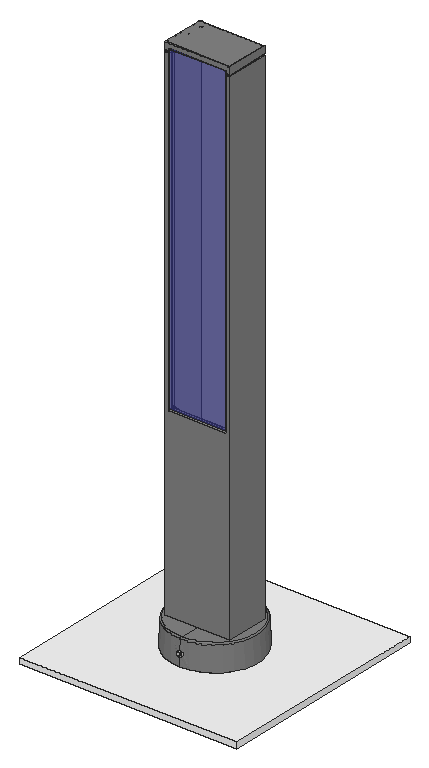
Revit family "BE_99326_de_DE", category Leuchten, Revit 2020 (continued)
Types (4, lengths in mm): name | built-in parameter 1150104 | built-in parameter 1150134 | Modell | M_G | M_A | built-in parameter 1150105 | Lumens | Leuchtenlichtstrom | Lampenlichtstrom | LED_Modulbezeichnung | built-in parameter 1150142 | Farbtemperatur | Datei für fotometrisches Netz | Bestellnummer | built-in parameter 1150106 | built-in parameter 1150107
         0.0       0.0       0.0       0.0       0.0       0.0       0.0       0.0\r\n       0.0       0.0       0.0       0.0       0.0       0.0       0.0       0.0\r\n       0.0       0.0       0.0       0.0       0.0       0.0       0.0       0.0\r\n       0.0       0.1       0.1       0.1       0.1       0.1       0.0       0.0\r\n       0.0\r\n       0.0       0.0       0.0       0.0       0.0       0.0       0.0       0.0\r\n       0.0       0.0       0.0       0.0       0.0       0.0       0.0       0.0\r\n       0.0       0.0       0.0       0.0       0.0       0.0       0.0       0.0\r\n       0.0       0.0       0.0       0.0       0.0       0.0       0.0       0.0\r\n       0.0       0.0       0.0       0.0       0.0       0.0       0.0       0.0\r\n       0.0       0.0       0.0       0.0       0.0       0.0       0.0       0.0\r\n       0.0       0.0       0.0       0.0       0.0       0.0       0.0       0.0\r\n       0.0       0.0       0.0       0.0       0.0       0.0       0.0       0.0\r\n       0.0       0.0       0.0       0.0       0.0       0.0       0.0       0.0\r\n       0.0\r\n       0.0       0.0       0.0       0.0       0.0       0.0       0.0       0.0\r\n       0.0       0.0       0.0       0.0       0.0       0.0       0.0       0.0\r\n       0.0       0.0       0.0       0.0       0.0       0.0       0.0       0.0\r\n       0.0       0.0       0.0       0.0       0.0       0.0       0.0       0.0\r\n       0.0       0.0       0.0       0.0       0.0       0.0       0.0       0.0\r\n       0.0       0.0       0.0       0.0       0.0       0.0       0.0       0.0\r\n       0.0       0.0       0.0       0.0       0.0       0.0       0.0       0.0\r\n       0.0       0.0       0.0       0.0       0.0       0.0       0.0       0.0\r\n       0.0       0.0       0.0       0.0       0.0       0.0       0.0       0.0\r\n       0.0\r\n       0.0       0.0       0.0       0.0       0.0       0.0       0.0       0.0\r\n       0.0       0.0       0.0       0.0       0.0       0.0       0.0       0.0\r\n       0.0       0.0       0.0       0.0       0.0       0.0       0.0       0.0\r\n       0.0       0.0       0.0       0.0       0.0       0.0       0.0       0.0\r\n       0.0       0.0       0.0       0.0       0.0       0.0       0.0       0.0\r\n       0.0       0.0       0.0       0.0       0.0       0.0       0.0       0.0\r\n       0.0       0.0       0.0       0.0       0.0       0.0       0.0       0.0\r\n       0.0       0.0       0.0       0.0       0.0       0.0       0.0       0.0\r\n       0.0       0.0       0.0       0.0       0.0       0.0       0.0       0.0\r\n       0.0\r\n       0.0       0.0       0.0       0.0       0.0       0.0       0.0       0.0\r\n       0.0       0.0       0.0       0.0       0.0       0.0       0.0       0.0\r\n       0.0       0.0       0.0       0.0       0.0       0.0       0.0       0.0\r\n       0.0       0.0       0.0       0.0       0.0       0.0       0.0       0.0\r\n       0.0       0.0       0.0       0.0       0.0       0.0       0.0       0.0\r\n       0.0       0.0       0.0       0.0       0.0       0.0       0.0       0.0\r\n       0.0       0.0       0.0       0.0       0.0       0.0       0.0       0.0\r\n       0.0       0.0       0.0       0.0       0.0       0.0       0.0       0.0\r\n       0.0       0.0       0.0       0.0       0.0       0.0       0.0       0.0\r\n       0.0\r\n       0.0       0.0       0.0       0.0       0.0       0.0       0.0       0.0\r\n       0.0       0.0       0.0       0.0       0.0       0.0       0.0       0.0\r\n       0.0       0.0       0.0       0.0       0.0       0.0       0.0       0.0\r\n       0.0       0.0       0.0       0.0       0.0       0.0       0.0       0.0\r\n       0.0       0.0       0.0       0.0       0.0       0.0       0.0       0.0\r\n       0.0       0.0       0.0       0.0       0.0       0.0       0.0       0.0\r\n       0.0       0.0       0.0       0.0       0.0       0.0       0.0       0.0\r\n       0.0       0.0       0.0       0.0       0.0       0.0       0.0       0.0\r\n       0.0       0.0       0.0       0.0       0.0       0.0       0.0       0.0\r\n       0.0\r\n       0.0       0.0       0.0       0.0       0.0       0.0       0.0       0.0\r\n       0.0       0.0       0.0       0.0       0.0       0.0       0.0       0.0\r\n       0.0       0.0       0.0       0.0       0.0       0.0       0.0       0.0\r\n       0.0       0.0       0.0       0.0       0.0       0.0       0.0       0.0\r\n       0.0       0.0       0.0       0.0       0.0       0.0       0.0       0.0\r\n       0.0       0.0       0.0       0.0       0.0       0.0       0.0       0.0\r\n       0.0       0.0       0.0       0.0       0.0       0.0       0.0       0.0\r\n       0.0       0.0       0.0       0.0       0.0       0.0       0.0       0.0\r\n       0.0       0.0       0.0       0.0       0.0       0.0       0.0       0.0\r\n       0.0\r\n       0.0       0.0       0.0       0.0       0.0       0.0       0.0       0.0\r\n       0.0       0.0       0.0       0.0       0.0       0.0       0.0       0.0\r\n       0.0       0.0       0.0       0.0       0.0       0.0       0.0       0.0\r\n       0.0       0.0       0.0       0.0       0.0       0.0       0.0       0.0\r\n       0.0       0.0       0.0       0.0       0.0       0.0       0.0       0.0\r\n       0.0       0.0       0.0       0.0       0.0       0.0       0.0       0.0\r\n       0.0       0.0       0.0       0.0       0.0       0.0       0.0       0.0\r\n       0.0       0.0       0.0       0.0       0.0       0.0       0.0       0.0\r\n       0.0       0.0       0.0       0.0       0.0       0.0       0.0       0.0\r\n       0.0\r\n       0.0       0.0       0.0       0.0       0.0       0.0       0.0       0.0\r\n       0.0       0.0       0.0       0.0       0.0       0.0       0.0       0.0\r\n       0.0       0.0       0.0       0.0       0.0       0.0       0.0       0.0\r\n       0.0       0.0       0.0       0.0       0.0       0.0       0.0       0.0\r\n       0.0       0.0       0.0       0.0       0.0       0.0       0.0       0.0\r\n       0.0       0.0       0.0       0.0       0.0       0.0       0.0       0.0\r\n       0.0       0.0       0.0       0.0       0.0       0.0       0.0       0.0\r\n       0.0       0.0       0.0       0.0       0.0       0.0       0.0       0.0\r\n       0.0       0.0       0.0       0.0       0.0       0.0       0.0       0.0\r\n       0.0\r\n       0.0       0.0       0.0       0.0       0.0       0.0       0.0       0.0\r\n       0.0       0.0       0.0       0.0       0.0       0.0       0.0       0.0\r\n       0.0       0.0       0.0       0.0       0.0       0.0       0.0       0.0\r\n       0.0       0.0       0.0       0.0       0.0       0.0       0.0       0.0\r\n       0.0       0.0       0.0       0.0       0.0       0.0       0.0       0.0\r\n       0.0       0.0       0.0       0.0       0.0       0.0       0.0       0.0\r\n       0.0       0.0       0.0       0.0       0.0       0.0       0.0       0.0\r\n       0.0       0.0       0.0       0.0       0.0       0.0       0.0       0.0\r\n       0.0       0.0       0.0       0.0       0.0       0.0       0.0       0.0\r\n       0.0\r\n       0.0       0.0       0.0       0.0       0.0       0.0       0.0       0.0\r\n       0.0       0.0       0.0       0.0       0.0       0.0       0.0       0.0\r\n       0.0       0.0       0.0       0.0       0.0       0.0       0.0       0.0\r\n       0.0       0.0       0.0       0.0       0.0       0.0       0.0       0.0\r\n       0.0       0.0       0.0       0.0       0.0       0.0       0.0       0.0\r\n       0.0       0.0       0.0       0.0       0.0       0.0       0.0       0.0\r\n       0.0       0.0       0.0       0.0       0.0       0.0       0.0       0.0\r\n       0.0       0.0       0.0       0.0       0.0       0.0       0.0       0.0\r\n       0.0       0.0       0.0       0.0       0.0       0.0       0.0       0.0\r\n       0.0\r\n       0.0       0.0       0.0       0.0       0.0       0.0       0.0       0.0\r\n       0.0       0.0       0.0       0.0       0.0       0.0       0.0       0.0\r\n       0.0       0.0       0.0       0.0       0.0       0.0       0.0       0.0\r\n       0.0       0.0       0.0       0.0       0.0       0.0       0.0       0.0\r\n       0.0       0.0       0.0       0.0       0.0       0.0       0.0       0.0\r\n       0.0       0.0       0.0       0.0       0.0       0.0       0.0       0.0\r\n       0.0       0.0       0.0       0.0       0.0       0.0       0.0       0.0\r\n       0.0       0.0       0.0       0.0       0.0       0.0       0.0       0.0\r\n       0.0       0.0       0.0       0.0       0.0       0.0       0.0       0.0\r\n       0.0\r\n       0.0       0.0       0.0       0.0       0.0       0.0       0.0       0.0\r\n       0.0       0.0       0.0       0.0       0.0       0.0       0.0       0.0\r\n       0.0       0.0       0.0       0.0       0.0       0.0       0.0       0.0\r\n       0.0       0.0       0.0       0.0       0.0       0.0       0.0       0.0\r\n       0.0       0.0       0.0       0.0       0.0       0.0       0.0       0.0\r\n       0.0       0.0       0.0       0.0       0.0       0.0       0.0       0.0\r\n       0.0       0.0       0.0       0.0       0.0       0.0       0.0       0.0\r\n       0.0       0.0       0.0       0.0       0.0       0.0       0.0       0.0\r\n       0.0       0.0       0.0       0.0       0.0       0.0       0.0       0.0\r\n       0.0\r\n       0.0       0.0       0.0       0.0       0.0       0.0       0.0       0.0\r\n       0.0       0.0       0.0       0.0       0.0       0.0       0.0       0.0\r\n       0.0       0.0       0.0       0.0       0.0       0.0       0.0       0.0\r\n       0.0       0.0       0.0       0.0       0.0       0.0       0.0       0.0\r\n       0.0       0.0       0.0       0.0       0.0       0.0       0.0       0.0\r\n       0.0       0.0       0.0       0.0       0.0       0.0       0.0       0.0\r\n       0.0       0.0       0.0       0.0       0.0       0.0       0.0       0.0\r\n       0.0       0.0       0.0       0.0       0.0       0.0       0.0       0.0\r\n       0.0       0.0       0.0       0.0       0.0       0.0       0.0       0.0\r\n       0.0\r\n       0.0       0.0       0.0       0.0       0.0       0.0       0.0       0.0\r\n       0.0       0.0       0.0       0.0       0.0       0.0       0.0       0.0\r\n       0.0       0.0       0.0       0.0       0.0       0.0       0.0       0.0\r\n       0.0       0.0       0.0       0.0       0.0       0.0       0.0       0.0\r\n       0.0       0.0       0.0       0.0       0.0       0.0       0.0       0.0\r\n       0.0       0.0       0.0       0.0       0.0       0.0       0.0       0.0\r\n       0.0       0.0       0.0       0.0       0.0       0.0       0.0       0.0\r\n       0.0       0.0       0.0       0.0       0.0       0.0       0.0       0.0\r\n       0.0       0.0       0.0       0.0       0.0       0.0       0.0       0.0\r\n       0.0\r\n       0.0       0.0       0.0       0.0       0.0       0.0       0.0       0.0\r\n       0.0       0.0       0.0       0.0       0.0       0.0       0.0       0.0\r\n       0.0       0.0       0.0       0.0       0.0       0.0       0.0       0.0\r\n       0.0       0.0       0.0       0.0       0.0       0.0       0.0       0.0\r\n       0.0       0.0       0.0       0.0       0.0       0.0       0.0       0.0\r\n       0.0       0.0       0.0       0.0       0.0       0.0       0.0       0.0\r\n       0.0       0.0       0.0       0.0       0.0       0.0       0.0       0.0\r\n       0.0       0.0       0.0       0.0       0.0       0.0       0.0       0.0\r\n       0.0       0.0       0.0       0.0       0.0       0.0       0.0       0.0\r\n       0.0\r\n       0.0       0.0       0.0       0.0       0.0       0.0       0.0       0.0\r\n       0.0       0.0       0.0       0.0       0.0       0.0       0.0       0.0\r\n       0.0       0.0       0.0       0.0       0.0       0.0       0.0       0.0\r\n       0.0       0.0       0.0       0.0       0.0       0.0       0.0       0.0\r\n       0.0       0.0       0.0       0.0       0.0       0.0       0.0       0.0\r\n       0.0       0.0       0.0       0.0       0.0       0.0       0.0       0.0\r\n       0.0       0.0       0.0       0.0       0.0       0.0       0.0       0.0\r\n       0.0       0.0       0.0       0.0       0.0       0.0       0.0       0.0\r\n       0.0       0.0       0.0       0.0       0.0       0.0       0.0       0.0\r\n       0.0\r\n       0.0       0.0       0.0       0.0       0.0       0.0       0.0       0.0\r\n       0.0       0.0       0.0       0.0       0.0       0.0       0.0       0.0\r\n       0.0       0.0       0.0       0.0       0.0       0.0       0.0       0.0\r\n       0.0       0.0       0.0       0.0       0.0       0.0       0.0       0.0\r\n       0.0       0.0       0.0       0.0       0.0       0.0       0.0       0.0\r\n       0.0       0.0       0.0       0.0       0.0       0.0       0.0       0.0\r\n       0.0       0.0       0.0       0.0       0.0       0.0       0.0       0.0\r\n       0.0       0.0       0.0       0.0       0.0       0.0       0.0       0.0\r\n       0.0       0.0       0.0       0.0       0.0       0.0       0.0       0.0\r\n       0.0\r\n" | "4000 K" | "BE_99326K4.IES" | "99326AK4" | 7.4618 (stored number, unit not read) | 4000 (stored number, unit not read)
  BEGA_99326_Grafit_K4 | 12.089 (stored number, unit not read) | 12 | "99326K4" | yes | no | 746.32 (stored number, unit not read) | 2159.99 lm | "859 lm" | "2240 lm" | "2x LED-0380/840" | (empty or 0) | "4000 K" | "BE_99326K4.IES" | "99326K4" | 7.4632 (stored number, unit not read) | 4000 (stored number, unit not read)
  BEGA_99326_Silber_K3 | 11.417 (stored number, unit not read) | (empty or 0) | "99326AK3" | no | yes | 704.72 (stored number, unit not read) | 2039.97 lm | "817 lm" | "2130 lm" | "2x LED-0380/830" | "IESNA:LM-63-1995\r\n[TEST] \r\n[MANUFAC] BEGA\r\n[MORE] Converted by LUMCat V \r\n[MORE] 26.09.2013 / H.R.\r\n[LUMCAT] \r\n[LUMINAIRE] 99326\r\n[LAMPCAT] LED  16,6W\r\n[LAMPCAT] LED  16,6W     770 lm,   19 W\r\n[LAMP] LED  16,6W\r\nTILT=NONE\r\n1     770 1.0 73 37 1 2 0.001 0.100 0.000\r\n1.0 1.0 19\r\n   0.0   2.5   5.0   7.5  10.0  12.5  15.0  17.5  20.0  22.5  25.0  27.5  30.0\r\n  32.5  35.0  37.5  40.0  42.5  45.0  47.5  50.0  52.5  55.0  57.5  60.0  62.5\r\n  65.0  67.5  70.0  72.5  75.0  77.5  80.0  82.5  85.0  87.5  90.0  92.5  95.0\r\n  97.5 100.0 102.5 105.0 107.5 110.0 112.5 115.0 117.5 120.0 122.5 125.0 127.5\r\n 130.0 132.5 135.0 137.5 140.0 142.5 145.0 147.5 150.0 152.5 155.0 157.5 160.0\r\n 162.5 165.0 167.5 170.0 172.5 175.0 177.5 180.0\r\n  90.0  95.0 100.0 105.0 110.0 115.0 120.0 125.0 130.0 135.0 140.0 145.0 150.0\r\n 155.0 160.0 165.0 170.0 175.0 180.0 185.0 190.0 195.0 200.0 205.0 210.0 215.0\r\n 220.0 225.0 230.0 235.0 240.0 245.0 250.0 255.0 260.0 265.0 270.0\r\n       0.0       0.6       4.4      17.1      28.0      39.2      51.0      62.9\r\n      75.1      86.9      98.6     110.3     121.2     132.2     143.0     153.2\r\n     163.1     172.6     181.5     190.3     198.8     207.1     214.3     220.9\r\n     227.7     233.3     239.0     244.5     248.3     252.9     255.5     259.4\r\n     261.6     263.5     264.9     266.0     265.2     266.0     264.9     263.5\r\n     261.6     259.4     255.5     252.9     248.3     244.5     239.0     233.3\r\n     227.7     220.9     214.3     207.1     198.8     190.3     181.5     172.6\r\n     163.1     153.2     143.0     132.2     121.2     110.3      98.6      86.9\r\n      75.1      62.9      51.0      39.2      28.0      17.1       4.4       0.6\r\n       0.0\r\n       0.0       0.6       4.6      16.9      27.8      39.0      50.7      62.5\r\n      74.6      86.4      98.2     109.7     120.8     131.6     142.2     152.4\r\n     162.2     171.7     180.9     189.4     197.7     205.6     213.0     220.0\r\n     226.4     232.3     237.8     242.9     247.4     251.6     255.1     258.0\r\n     260.4     262.5     263.7     264.5     265.2     264.5     263.7     262.5\r\n     260.4     258.0     255.1     251.6     247.4     242.9     237.8     232.3\r\n     226.4     220.0     213.0     205.6     197.7     189.4     180.9     171.7\r\n     162.2     152.4     142.2     131.6     120.8     109.7      98.2      86.4\r\n      74.6      62.5      50.7      39.0      27.8      16.9       4.6       0.6\r\n       0.0\r\n       0.0       0.6       4.6      16.5      27.4      38.3      49.9      61.6\r\n      73.4      85.2      96.7     108.0     119.1     129.9     140.3     150.4\r\n     160.1     169.4     178.4     186.9     195.1     202.9     210.2     216.9\r\n     223.5     229.4     234.9     239.7     244.2     248.3     251.8     254.8\r\n     257.0     259.2     260.4     261.3     261.1     261.3     260.4     259.2\r\n     257.0     254.8     251.8     248.3     244.2     239.7     234.9     229.4\r\n     223.5     216.9     210.2     202.9     195.1     186.9     178.4     169.4\r\n     160.1     150.4     140.3     129.9     119.1     108.0      96.7      85.2\r\n      73.4      61.6      49.9      38.3      27.4      16.5       4.6       0.6\r\n       0.0\r\n       0.0       0.6       4.6      15.7      26.5      37.3      48.5      59.9\r\n      71.5      83.0      94.3     105.5     116.3     126.8     137.1     146.9\r\n     156.4     165.6     174.5     182.8     190.8     198.5     205.7     212.4\r\n     218.7     224.5     229.9     234.8     239.2     243.1     246.4     249.4\r\n     251.7     253.7     254.8     255.7     255.9     255.7     254.8     253.7\r\n     251.7     249.4     246.4     243.1     239.2     234.8     229.9     224.5\r\n     218.7     212.4     205.7     198.5     190.8     182.8     174.5     165.6\r\n     156.4     146.9     137.1     126.8     116.3     105.5      94.3      83.0\r\n      71.5      59.9      48.5      37.3      26.5      15.7       4.6       0.6\r\n       0.0\r\n       0.0       0.6       4.4      14.9      25.4      35.8      46.6      57.7\r\n      68.9      80.1      91.1     101.9     112.4     122.6     132.6     142.2\r\n     151.5     160.4     169.0     177.2     185.0     192.2     199.5     205.9\r\n     212.1     217.9     222.8     227.8     232.1     236.0     239.3     242.1\r\n     244.1     246.4     247.6     248.1     248.6     248.1     247.6     246.4\r\n     244.1     242.1     239.3     236.0     232.1     227.8     222.8     217.9\r\n     212.1     205.9     199.5     192.2     185.0     177.2     169.0     160.4\r\n     151.5     142.2     132.6     122.6     112.4     101.9      91.1      80.1\r\n      68.9      57.7      46.6      35.8      25.4      14.9       4.4       0.6\r\n       0.0\r\n       0.0       0.6       4.2      13.9      24.0      33.8      44.2      54.8\r\n      65.6      76.2      86.9      97.2     107.5     117.3     126.9     136.2\r\n     145.2     154.0     162.2     170.0     177.6     184.6     191.5     197.9\r\n     203.8     209.4     214.2     218.9     223.0     226.6     229.9     232.6\r\n     234.8     236.8     237.8     238.5     239.0     238.5     237.8     236.8\r\n     234.8     232.6     229.9     226.6     223.0     218.9     214.2     209.4\r\n     203.8     197.9     191.5     184.6     177.6     170.0     162.2     154.0\r\n     145.2     136.2     126.9     117.3     107.5      97.2      86.9      76.2\r\n      65.6      54.8      44.2      33.8      24.0      13.9       4.2       0.6\r\n       0.0\r\n       0.0       0.5       3.8      12.7      22.3      31.6      41.3      51.4\r\n      61.6      71.8      81.9      91.8     101.5     110.9     120.2     129.1\r\n     137.7     146.0     154.1     161.6     168.8     175.7     182.1     188.2\r\n     193.9     199.0     203.9     208.3     212.3     215.7     218.8     221.3\r\n     223.4     224.9     226.4     227.0     227.2     227.0     226.4     224.9\r\n     223.4     221.3     218.8     215.7     212.3     208.3     203.9     199.0\r\n     193.9     188.2     182.1     175.7     168.8     161.6     154.1     146.0\r\n     137.7     129.1     120.2     110.9     101.5      91.8      81.9      71.8\r\n      61.6      51.4      41.3      31.6      22.3      12.7       3.8       0.5\r\n       0.0\r\n       0.0       0.5       3.4      11.4      20.4      29.0      38.0      47.4\r\n      57.0      66.6      76.1      85.4      94.6     103.6     112.4     120.9\r\n     129.0     136.8     144.3     151.6     158.4     164.8     170.9     176.7\r\n     182.0     186.9     191.4     195.6     199.4     202.6     205.6     208.0\r\n     210.0     211.5     212.7     213.3     213.8     213.3     212.7     211.5\r\n     210.0     208.0     205.6     202.6     199.4     195.6     191.4     186.9\r\n     182.0     176.7     170.9     164.8     158.4     151.6     144.3     136.8\r\n     129.0     120.9     112.4     103.6      94.6      85.4      76.1      66.6\r\n      57.0      47.4      38.0      29.0      20.4      11.4       3.4       0.5\r\n       0.0\r\n       0.0       0.4       2.8      10.1      18.3      26.1      34.4      43.0\r\n      51.8      60.7      69.5      78.3      86.9      95.2     103.4     111.3\r\n     118.9     126.3     133.4     140.0     146.4     152.6     158.2     163.6\r\n     168.6     173.1     177.5     181.4     184.8     187.8     190.5     192.7\r\n     194.7     196.1     197.2     197.8     198.0     197.8     197.2     196.1\r\n     194.7     192.7     190.5     187.8     184.8     181.4     177.5     173.1\r\n     168.6     163.6     158.2     152.6     146.4     140.0     133.4     126.3\r\n     118.9     111.3     103.4      95.2      86.9      78.3      69.5      60.7\r\n      51.8      43.0      34.4      26.1      18.3      10.1       2.8       0.4\r\n       0.0\r\n       0.0       0.4       2.3       8.7      16.1      23.0      30.4      38.2\r\n      46.2      54.2      62.3      70.2      78.2      85.8      93.3     100.6\r\n     107.7     114.5     121.0     127.2     133.1     138.8     144.0     149.0\r\n     153.6     157.9     161.7     165.4     168.5     171.3     173.9     176.0\r\n     177.6     179.0     179.9     180.5     180.9     180.5     179.9     179.0\r\n     177.6     176.0     173.9     171.3     168.5     165.4     161.7     157.9\r\n     153.6     149.0     144.0     138.8     133.1     127.2     121.0     114.5\r\n     107.7     100.6      93.3      85.8      78.2      70.2      62.3      54.2\r\n      46.2      38.2      30.4      23.0      16.1       8.7       2.3       0.4\r\n       0.0\r\n       0.0       0.3       1.9       7.2      13.7      19.8      26.3      33.1\r\n      40.1      47.3      54.5      61.6      68.7      75.7      82.4      89.1\r\n      95.4     101.6     107.5     113.3     118.5     123.7     128.5     133.0\r\n     137.2     141.1     144.6     147.9     150.9     153.4     155.6     157.6\r\n     159.1     160.4     161.2     161.8     162.0     161.8     161.2     160.4\r\n     159.1     157.6     155.6     153.4     150.9     147.9     144.6     141.1\r\n     137.2     133.0     128.5     123.7     118.5     113.3     107.5     101.6\r\n      95.4      89.1      82.4      75.7      68.7      61.6      54.5      47.3\r\n      40.1      33.1      26.3      19.8      13.7       7.2       1.9       0.3\r\n       0.0\r\n       0.0       0.2       1.5       5.8      11.3      16.5      22.0      27.8\r\n      33.9      40.1      46.3      52.6      58.8      64.9      70.9      76.7\r\n      82.4      87.9      93.1      98.2     103.0     107.5     111.8     115.8\r\n     119.5     123.1     126.2     129.2     131.7     134.0     136.0     137.8\r\n     139.1     140.2     141.0     141.5     141.5     141.5     141.0     140.2\r\n     139.1     137.8     136.0     134.0     131.7     129.2     126.2     123.1\r\n     119.5     115.8     111.8     107.5     103.0      98.2      93.1      87.9\r\n      82.4      76.7      70.9      64.9      58.8      52.6      46.3      40.1\r\n      33.9      27.8      22.0      16.5      11.3       5.8       1.5       0.2\r\n       0.0\r\n       0.0       0.1       1.1       4.6       9.0      13.2      17.6      22.4\r\n      27.5      32.6      37.9      43.2      48.4      53.6      58.8      63.8\r\n      68.7      73.4      78.0      82.4      86.5      90.4      94.2      97.7\r\n     100.9     103.9     106.7     109.3     111.5     113.5     115.3     116.7\r\n     117.9     119.0     119.6     119.9     120.2     119.9     119.6     119.0\r\n     117.9     116.7     115.3     113.5     111.5     109.3     106.7     103.9\r\n     100.9      97.7      94.2      90.4      86.5      82.4      78.0      73.4\r\n      68.7      63.8      58.8      53.6      48.4      43.2      37.9      32.6\r\n      27.5      22.4      17.6      13.2       9.0       4.6       1.1       0.1\r\n       0.0\r\n       0.0       0.1       0.8       3.2       6.9      10.1      13.4      17.2\r\n      21.1      25.1      29.3      33.6      37.8      42.0      46.3      50.4\r\n      54.4      58.3      62.1      65.7      69.2      72.5      75.6      78.5\r\n      81.3      83.8      86.1      88.2      90.1      91.9      93.3      94.6\r\n      95.6      96.4      97.0      97.3      97.5      97.3      97.0      96.4\r\n      95.6      94.6      93.3      91.9      90.1      88.2      86.1      83.8\r\n      81.3      78.5      75.6      72.5      69.2      65.7      62.1      58.3\r\n      54.4      50.4      46.3      42.0      37.8      33.6      29.3      25.1\r\n      21.1      17.2      13.4      10.1       6.9       3.2       0.8       0.1\r\n       0.0\r\n       0.0       0.1       0.5       2.3       4.8       7.1       9.5      12.2\r\n      15.0      17.9      21.0      24.1      27.4      30.5      33.7      36.8\r\n      40.0      43.0      45.9      48.7      51.5      54.1      56.6      58.9\r\n      61.1      63.0      64.9      66.6      68.1      69.5      70.7      71.6\r\n      72.5      73.2      73.6      73.9      73.9      73.9      73.6      73.2\r\n      72.5      71.6      70.7      69.5      68.1      66.6      64.9      63.0\r\n      61.1      58.9      56.6      54.1      51.5      48.7      45.9      43.0\r\n      40.0      36.8      33.7      30.5      27.4      24.1      21.0      17.9\r\n      15.0      12.2       9.5       7.1       4.8       2.3       0.5       0.1\r\n       0.0\r\n       0.0       0.1       0.3       1.5       3.2       4.6       6.1       7.7\r\n       9.6      11.4      13.5      15.5      17.6      19.7      21.8      24.0\r\n      26.0      28.1      30.2      32.1      34.0      35.9      37.6      39.3\r\n      40.8      42.3      43.6      44.9      46.0      46.9      47.8      48.5\r\n      49.1      49.6      49.9      50.1      50.2      50.1      49.9      49.6\r\n      49.1      48.5      47.8      46.9      46.0      44.9      43.6      42.3\r\n      40.8      39.3      37.6      35.9      34.0      32.1      30.2      28.1\r\n      26.0      24.0      21.8      19.7      17.6      15.5      13.5      11.4\r\n       9.6       7.7       6.1       4.6       3.2       1.5       0.3       0.1\r\n       0.0\r\n       0.0       0.1       0.2       0.8       1.8       2.6       3.3       4.1\r\n       5.0       6.0       7.0       8.0       9.2      10.3      11.4      12.4\r\n      13.7      14.8      15.9      16.9      18.0      19.1      20.1      21.1\r\n      21.9      22.7      23.5      24.2      24.9      25.5      26.1      26.5\r\n      26.8      27.1      27.3      27.5      27.5      27.5      27.3      27.1\r\n      26.8      26.5      26.1      25.5      24.9      24.2      23.5      22.7\r\n      21.9      21.1      20.1      19.1      18.0      16.9      15.9      14.8\r\n      13.7      12.4      11.4      10.3       9.2       8.0       7.0       6.0\r\n       5.0       4.1       3.3       2.6       1.8       0.8       0.2       0.1\r\n       0.0\r\n       0.0       0.0       0.1       0.5       1.0       1.2       1.4       1.7\r\n       2.0       2.2       2.5       2.9       3.2       3.6       4.0       4.3\r\n       4.6       4.9       5.2       5.5       5.8       6.2       6.6       6.9\r\n       7.3       7.5       7.8       8.1       8.3       8.4       8.6       8.7\r\n       8.8       8.9       9.0       9.0       9.0       9.0       9.0       8.9\r\n       8.8       8.7       8.6       8.4       8.3       8.1       7.8       7.5\r\n       7.3       6.9       6.6       6.2       5.8       5.5       5.2       4.9\r\n       4.6       4.3       4.0       3.6       3.2       2.9       2.5       2.2\r\n       2.0       1.7       1.4       1.2       1.0       0.5       0.1       0.0\r\n       0.0\r\n       0.0       0.0       0.0       0.2       0.3       0.4       0.4       0.4\r\n       0.4       0.4       0.3       0.3       0.3       0.3       0.3       0.3\r\n       0.3       0.3       0.3       0.3       0.3       0.3       0.3       0.3\r\n       0.3       0.3       0.2       0.2       0.2       0.2       0.2       0.2\r\n       0.2       0.2       0.2       0.2       0.2       0.2       0.2       0.2\r\n       0.2       0.2       0.2       0.2       0.2       0.2       0.2       0.3\r\n       0.3       0.3       0.3       0.3       0.3       0.3       0.3       0.3\r\n       0.3       0.3       0.3       0.3       0.3       0.3       0.3       0.4\r\n       0.4       0.4       0.4       0.4       0.3       0.2       0.0       0.0\r\n       0.0\r\n       0.0       0.0       0.0       0.1       0.1       0.1       0.1       0.1\r\n       0.0       0.0       0.0       0.0       0.0       0.0       0.0       0.0\r\n       0.0       0.0       0.0       0.0       0.0       0.0       0.0       0.0\r\n       0.0       0.0       0.0       0.0       0.0       0.0       0.0       0.0\r\n       0.0       0.0       0.0       0.0       0.0       0.0    
